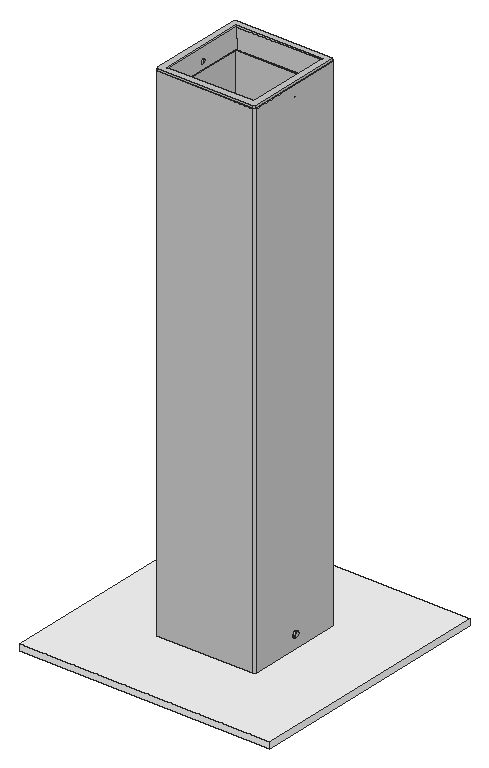
Revit family "BE_84002_de_DE", category Leuchten, Revit 2015
Parameters (values of type "BEGA_84002_Silber")
  Default Elevation = 0 mm
  Umgebungstemperatur = ""
  URL = "http://www.bega.de/produkt/84002"
  Typenkommentare = "© 2017 BEGA. Wir behalten uns das Recht vor, technische Änderungen ohne vorherige Ankündigung vorzunehmen."  # constant formula
  Typenbild = 84002.png
  Sonderanfertigung = no
  Seriennummer [instance] = "Hier können Sie die eindeutige Seriennummer für das Facility Management eintragen."
  Schutzklasse = ""
  Schutzart = ""
  Scheinlast = 0 VA
  Produktdatenblatt = "http://www.bega.de/download/Xrfa/db/84002.db.de.pdf"
  Oberflächentemperatur = ""
  Modell = "84002A"
  Material_18 = BEGA_Gummi_schwarz
  Material_17 = BEGA_Reflektor
  Material_11 = BEGA_Glas_opal
  Material_09 = BEGA_Glas_klar
  Material_06 = BEGA_Oberfläche_Edelstahl_gebürstet
  Material_03 = BEGA_Oberfläche_Weiss_matt
  Material_02 = BEGA_Oberfläche_Silber_matt
  Material_01 [instance] = BEGA_Oberfläche_Grafit_matt
  M_W = no
  M_G = no
  M_A = yes
  Logo = 0
  Leuchtenanzahl = ""
  Lastklassifizierung = Beleuchtung
  Hersteller = "BEGA"  # constant formula
  Halbstreuwinkel = ""
  Gewicht = "5.2 kg"
  Gebrauchslageneinschränkung [instance] = ""
  Erdstück = no
  Energieeffizienzklasse = ""
  ENEC = ""
  Dimmbar [instance] = ""
  CE_Konformität = "ja"
  Bestellnummer_Erdstück = if(Erdstück, "70895", "---")  # "---"
  Bestellnummer = "84002A"
  Beschreibung_Sonderanfertigung = "Hier können Sie Informationen zur Sonderanfertigung eintragen."
  Beschreibung = "Pollerleuchtenrohr"
  Befestigungsbohrung = ""
  Befestigungsabstand = ""
  Ballwurfsicher = ""
  BEGA_Intern_aus = yes
  BEGA_Intern_an = yes
  BEGA_Intern_Konstruktion = yes
  BEGA_Intern = yes
  BEGA_IES = yes
  BEGA_Dummy = no
  Aktualisierung = "2017-01-27T04:13:58"
Types (2, lengths in mm): name | Modell | M_G | M_A | Bestellnummer
  BEGA_84002_Grafit | "84002" | yes | no | "84002"
  BEGA_84002_Silber | "84002A" | no | yes | "84002A"
Reference planes
  plane 1 "Mitte (Vorne/Hinten)": y = 0
  plane 2: z = 0
  plane 3 "Mitte (Links/Rechts)": x = 0
  plane 4 "Links": x = -80
  plane 5 "Rechts": x = 80
  plane 6 "Unten": y = -80
  plane 7 "Oben": y = 80
  plane 8 "Vorne": z = 815.25
  plane 9 "Hinten": z = 0
Forms (mm)
  Extrusion 1, solid, material "BEGA_Platte_Weiss"
    sketch origin (0, -1119.2, 0) x (1, 0, 0) y (0, 1, 0)
      loop
        line (-200, 1319.2) -> (-200, 919.2) -> (200, 919.2) -> (200, 1319.2) -> (-200, 1319.2)
    from 0 to -10
  Extrusion 2, solid, material "BEGA_Dummy_matt", visible <- "BEGA_Dummy"
    sketch origin (80.095, -76.023, 0) x (1, 0, 0) y (0, 1, 0)
      loop
        line (-160.095, 156.023) -> (-160.095, -3.977) -> (-0.095, -3.977) -> (-0.095, 156.023) -> (-160.095, 156.023)
    from 0 to 815.25
Dimensions and locks
  plane 1 "Mitte (Vorne/Hinten)" to Extrusion 1 = 200 mm
  aligned and locked: plane 2 to Extrusion 1
  aligned and locked: level to Extrusion 1
Nested families
  nested 1: "BE_84002_Pollerrohr" at (0, 0, 0), type "BE_84002_Pollerrohr"
Connectors
  electrical at (0, 0, 0), driven by "Lastklassifizierung", driven by "Scheinlast"
    settings: index 1, voltage 0 V, apparent load 0 VA, apparent load phase1 0 VA, apparent load phase2 0 VA, apparent load phase3 0 VA, power factor 1, load classification "Beleuchtung", number of poles 1, system type 31, power factor state 1, is connector primary yes, connector utility no, sub classification motor no, connector description ""
Definition of nested family "BE_84002_Pollerrohr"
  Parameters (values of type "BE_84002_Pollerrohr")
    Default Elevation = 1 mm
    URL = "http://www.bega.de/de/produkt"
    Type Comments = "© 2015 BEGA. Wir behalten uns das Recht vor, technische Änderungen ohne vorherige Ankündigung vorzunehmen. "  # constant formula
    Type Image = (empty or 0)
    Material_18 = none
    Material_17 = none
    Material_15 = none
    Material_11 = none
    Material_09 = none
    Material_06 = none
    Material_03 = none
    Material_02 = none
    Material_01 = none
    M_W = yes
    M_G = yes
    M_A = yes
    Länge_Platte = 200 mm  # constant formula
    Höhe_Platte = -10 mm  # constant formula
    Manufacturer = "BEGA"  # constant formula
    Breite_Platte = 200 mm  # constant formula
  Reference planes
    plane 1 "Mitte (Oben/Unten)": y = 0
    plane 2: z = 0
    plane 3 "Mitte (Links/Rechts)": x = 0
    plane 4: x = -80
    plane 5: x = 80
    plane 6: y = -80
    plane 7: y = 80
    plane 8: z = 815.25
  Forms (mm)
    Extrusion 1, solid, detail levels medium
      sketch origin (0, 0, 0) x (1, 0, 0) y (0, 1, 0)
        loop
          line (-100, 100) -> (-100, -100) -> (100, -100) -> (100, 100) -> (-100, 100)
      from 0 to -10 <- "Höhe_Platte"
    Sweep 2, solid, material <- "Material_01", visible <- "M_G", detail levels medium+fine
      path origin (0, 0, 0) x (1, 0, 0) y (0, 1, 0)
        loop
          line (-80, -80) -> (80, -80) -> (80, 80) -> (-80, 80) -> (-80, -80)
      profile origin (-80, 0, 0) x (-1, 0, 0) y (0, 0, 1)
        loop
          line (0, 2.25) -> (0, 812.25) -> (-2.5, 812.25) -> (-2.5, 2.25) -> (0, 2.25)
    Revolve 3, solid, material <- "Material_01", visible <- "M_G", detail levels medium+fine
      sketch origin (0, 0, 0) x (1, 0, 0) y (0, 0, 1)
        loop
          line (-76, 0) -> (0, 0) -> (0, 5.5) -> (-76, 5.5) -> (-76, 0)
        axis (0, 5.5) -> (0, 0)
      angle from 0 to 360
    Extrusion 4, void
      sketch origin (0, 0, 0) x (1, 0, 0) y (0, 1, 0)
        loop
          arc (37.007, 10.621) -> (32.676, 13.011) -> (30.28, 8.683) r 3.5
          arc (30.28, 8.683) -> (31.501, 0.001) -> (30.281, -8.682) r 31.5
          arc (30.281, -8.682) -> (32.683, -13.012) -> (37.011, -10.606) r 3.5
          arc (37.011, -10.606) -> (38.501, 0.008) -> (37.007, 10.621) r 38.5
        loop
          arc (-7.62, 30.564) -> (-5.071, 34.807) -> (-9.314, 37.357) r 3.5
          arc (-9.314, 37.357) -> (-19.25, 33.342) -> (-27.694, 26.744) r 38.5
          arc (-27.694, 26.744) -> (-27.608, 21.795) -> (-22.659, 21.882) r 3.5
          arc (-22.659, 21.882) -> (-15.75, 27.28) -> (-7.62, 30.564) r 31.5
        loop
          arc (-22.655, -21.885) -> (-27.603, -21.791) -> (-27.698, -26.739) r 3.5
          arc (-27.698, -26.739) -> (-19.247, -33.343) -> (-9.301, -37.359) r 38.5
          arc (-9.301, -37.359) -> (-5.069, -34.801) -> (-7.619, -30.564) r 3.5
          arc (-7.619, -30.564) -> (-15.747, -27.281) -> (-22.655, -21.885) r 31.5
        loop
          arc (-52.386, 15.021) -> (-54.497, 0.004) -> (-52.388, -15.014) r 54.493
          arc (-52.388, -15.014) -> (-46.83, -18.105) -> (-43.744, -12.544) r 4.495
          arc (-43.744, -12.544) -> (-45.507, -0.001) -> (-43.745, 12.543) r 45.516
          arc (-43.745, 12.543) -> (-46.826, 18.102) -> (-52.386, 15.021) r 4.495
        loop
          arc (32.736, 31.613) -> (39.091, 31.504) -> (39.201, 37.859) r 4.495
          arc (39.201, 37.859) -> (27.254, 47.193) -> (13.199, 52.875) r 54.493
          arc (13.199, 52.875) -> (7.738, 49.612) -> (11.01, 44.157) r 4.494
          arc (11.01, 44.157) -> (22.754, 39.411) -> (32.736, 31.613) r 45.516
        loop
          arc (11.011, -44.156) -> (7.737, -49.605) -> (13.186, -52.878) r 4.495
          arc (13.186, -52.878) -> (27.246, -47.198) -> (39.197, -37.863) r 54.493
          arc (39.197, -37.863) -> (39.096, -31.505) -> (32.737, -31.612) r 4.495
          arc (32.737, -31.612) -> (22.755, -39.411) -> (11.011, -44.156) r 45.516
      from 0 to 8.204
    Extrusion 5, solid, material <- "Material_01", visible <- "M_G", detail levels medium+fine
      sketch origin (0, 0, 0) x (1, 0, 0) y (0, 1, 0)
        loop
          line (-77.5, -77.5) -> (77.5, -77.5) -> (77.5, 77.5) -> (-77.5, 77.5) -> (-77.5, -77.5)
        loop
          circle (0, 0) r 76
      from 5.5 to 10
    Extrusion 6, void
      sketch origin (0, 0, 0) x (1, 0, 0) y (0, 1, 0)
        loop
          line (80.489, 80.398) -> (76.42, 80.398) -> (80.489, 76.329) -> (80.489, 80.398)
        loop
          line (-80.489, 80.398) -> (-80.489, 76.329) -> (-76.42, 80.398) -> (-80.489, 80.398)
        loop
          line (80.489, -80.398) -> (80.489, -76.329) -> (76.42, -80.398) -> (80.489, -80.398)
        loop
          line (-80.489, -80.398) -> (-76.42, -80.398) -> (-80.489, -76.329) -> (-80.489, -80.398)
      from 0 to 812.25
    Sweep 7, solid, material <- "Material_01", visible <- "M_G", detail levels medium+fine
      path origin (0, 0, 0) x (1, 0, 0) y (0, 1, 0)
        loop
          line (-80, 80) -> (-80, -80) -> (80, -80) -> (80, 80) -> (-80, 80)
      profile origin (-80, 0, 0) x (1, 0, 0) y (0, 0, 1)
        loop
          line (1, 812.25) -> (2.75, 812.25) -> (2.75, 775.75) -> (6.5, 775.75) -> (12.681, 781.931) -> (11.567, 813.82)
          arc (11.567, 813.82) -> (11.377, 814.605) -> (10.892, 815.25) r 2
          line (10.892, 815.25) -> (1, 815.25) -> (1, 812.25)
    Extrusion 8, void
      sketch origin (0, 0, 0) x (1, 0, 0) y (0, 1, 0)
        loop
          line (-76.464, 79) -> (-79, 79) -> (-79, 76.464) -> (-76.464, 79)
        loop
          line (76.464, 79) -> (79, 76.464) -> (79, 79) -> (76.464, 79)
        loop
          line (-76.464, -79) -> (-79, -76.464) -> (-79, -79) -> (-76.464, -79)
        loop
          line (76.464, -79) -> (79, -79) -> (79, -76.464) -> (76.464, -79)
      from 812.25 to 816.372
    Revolve 9, void
      sketch origin (0, 0, 0) x (1, 0, 0) y (0, 0, 1)
        loop
          line (73.928, 29.5) -> (73.928, 24.25) -> (80.728, 24.25) -> (80.728, 29.5) -> (73.928, 29.5)
        axis (73.928, 24.25) -> (80.728, 24.25)
      angle from 0 to 360
    Revolve 10, solid, material <- "Material_06", detail levels fine
      sketch origin (0, 0, 0) x (1, 0, 0) y (0, 0, 1)
        loop
          line (81.58, 29.25) -> (73.265, 29.25) -> (73.265, 24.25) -> (82.5, 24.25) -> (82.5, 28.33) -> (81.58, 29.25)
        axis (73.265, 24.25) -> (82.5, 24.25)
      angle from 0 to 360
    Revolve 11, void
      sketch origin (0, 0, 0) x (-1, 0, 0) y (0, 0, 1)
        loop
          line (80.356, 796.75) -> (72.98, 796.75) -> (72.98, 794.75) -> (80.356, 794.75) -> (80.356, 796.75)
        axis (72.98, 794.75) -> (80.356, 794.75)
      angle from 0 to 360
    Revolve 12, solid, material <- "Material_02", visible <- "M_A", detail levels medium+fine
      sketch origin (0, 0, 0) x (1, 0, 0) y (0, 0, 1)
        loop
          line (-76, 0) -> (0, 0) -> (0, 5.5) -> (-76, 5.5) -> (-76, 0)
        axis (0, 5.5) -> (0, 0)
      angle from 0 to 360
    Extrusion 13, solid, material <- "Material_02", visible <- "M_A", detail levels medium+fine
      sketch origin (0, 0, 0) x (1, 0, 0) y (0, 1, 0)
        loop
          line (-77.5, -77.5) -> (77.5, -77.5) -> (77.5, 77.5) -> (-77.5, 77.5) -> (-77.5, -77.5)
        loop
          circle (0, 0) r 76
      from 5.5 to 10
    Sweep 14, solid, material <- "Material_02", visible <- "M_A", detail levels medium+fine
      path origin (0, 0, 0) x (1, 0, 0) y (0, 1, 0)
        loop
          line (-80, -80) -> (80, -80) -> (80, 80) -> (-80, 80) -> (-80, -80)
      profile origin (-80, 0, 0) x (-1, 0, 0) y (0, 0, 1)
        loop
          line (0, 2.25) -> (0, 812.25) -> (-2.5, 812.25) -> (-2.5, 2.25) -> (0, 2.25)
    Sweep 15, solid, material <- "Material_02", visible <- "M_A", detail levels medium+fine
      path origin (0, 0, 0) x (1, 0, 0) y (0, 1, 0)
        loop
          line (-80, 80) -> (-80, -80) -> (80, -80) -> (80, 80) -> (-80, 80)
      profile origin (-80, 0, 0) x (1, 0, 0) y (0, 0, 1)
        loop
          line (1, 812.25) -> (2.75, 812.25) -> (2.75, 775.75) -> (6.5, 775.75) -> (12.681, 781.931) -> (11.567, 813.82)
          arc (11.567, 813.82) -> (11.377, 814.605) -> (10.892, 815.25) r 2
          line (10.892, 815.25) -> (1, 815.25) -> (1, 812.25)
    Revolve 16, solid, material <- "Material_06", detail levels fine
      sketch origin (0, 0, 440) x (1, 0, 0) y (0, 0, 1)
        loop
          line (-65.461, 354.75) -> (-67.28, 357.9) -> (-75.75, 357.9) -> (-75.75, 354.75) -> (-65.461, 354.75)
        axis (-75.75, 354.75) -> (-65.461, 354.75)
      angle from 0 to 360
    Revolve 17, void
      sketch origin (0, 0, 0) x (1, 0, 0) y (0, 0, -1)
        loop
          line (80.356, -796.75) -> (80.356, -794.75) -> (72.98, -794.75) -> (72.98, -796.75) -> (80.356, -796.75)
        axis (72.98, -794.75) -> (80.356, -794.75)
      angle from 0 to 360
    Revolve 18, solid, material <- "Material_06", detail levels fine
      sketch origin (0, 0, 440) x (-1, 0, 0) y (0, 0, 1)
        loop
          line (-65.461, 354.75) -> (-67.28, 357.9) -> (-75.75, 357.9) -> (-75.75, 354.75) -> (-65.461, 354.75)
        axis (-75.75, 354.75) -> (-65.461, 354.75)
      angle from 0 to 360
  Cuts and joins
    Extrusion 4 cuts Revolve 3
    joined: Revolve 3, Extrusion 5
    Extrusion 6, Extrusion 8, Revolve 9, Revolve 11, Revolve 17 cuts Sweep 2
    Extrusion 6, Extrusion 8, Revolve 9, Revolve 11, Revolve 17 cuts Sweep 7
    joined: Sweep 2, Sweep 7
    Extrusion 4 cuts Revolve 12
    joined: Revolve 12, Extrusion 13
    Extrusion 6, Revolve 9, Revolve 11, Revolve 17 cuts Sweep 14
    Extrusion 6, Extrusion 8, Revolve 11, Revolve 17 cuts Sweep 15
    joined: Sweep 14, Sweep 15
  Dimensions and locks
    equal spacing: Extrusion 1 sketch curve, plane 3 "Mitte (Links/Rechts)", Extrusion 1 sketch curve
    equal spacing: Extrusion 1 sketch curve, plane 1 "Mitte (Oben/Unten)", Extrusion 1 sketch curve
    "Länge_Platte": Extrusion 1 sketch curve to Extrusion 1 sketch curve
    "Breite_Platte": Extrusion 1 sketch curve to Extrusion 1 sketch curve
    aligned and locked: Extrusion 1 to plane 2
    aligned and locked: level to Extrusion 1
  Automatic sketch dimensions
    Sweep 2 sketch curve to plane 4 = 0 mm
    Sweep 2 sketch curve to plane 5 = 0 mm
    Sweep 2 sketch curve to plane 6 = 0 mm
    plane 7 to Sweep 2 sketch curve = 0 mm
    Sweep 2 sketch curve to profile plane = 0 mm
    Sweep 2 sketch curve to Sweep 2 sketch curve = 2.5 mm
    level to Sweep 2 sketch curve = 2.25 mm
    Sweep 2 sketch curve to Sweep 2 sketch curve = 810 mm
    Revolve 3 sketch curve to level = 0 mm  (x2)
    Revolve 3 sketch curve to plane 3 "Mitte (Links/Rechts)" = 0 mm  (x2)
    plane 4 to Revolve 3 sketch curve = 4 mm
    Revolve 3 sketch curve to Revolve 3 sketch curve = 5.5 mm
    Revolve 3 sketch curve to Revolve 3 sketch curve = 0 mm
    Extrusion 4 sketch curve to plane 1 "Mitte (Oben/Unten)" = 13.782 mm
    plane 4 to Extrusion 4 sketch curve = 31.935 mm
    Extrusion 4 sketch curve to Extrusion 4 sketch curve = 0 mm  (x34)
    Extrusion 4 sketch curve to plane 3 "Mitte (Links/Rechts)" = 25.177 mm
    Extrusion 4 sketch curve to plane 3 "Mitte (Links/Rechts)" = 25.176 mm
    Extrusion 4 sketch curve to plane 3 "Mitte (Links/Rechts)" = 8.467 mm
    Extrusion 4 sketch curve to plane 3 "Mitte (Links/Rechts)" = 8.466 mm
    Extrusion 4 sketch curve to plane 1 "Mitte (Oben/Unten)" = 0 mm  (x3)
    Extrusion 4 sketch curve to plane 3 "Mitte (Links/Rechts)" = 0.004 mm
    Extrusion 4 sketch curve to plane 3 "Mitte (Links/Rechts)" = 0.003 mm  (x2)
    plane 3 "Mitte (Links/Rechts)" to Extrusion 4 sketch curve = 0.001 mm
    plane 3 "Mitte (Links/Rechts)" to Extrusion 4 sketch curve = 0.003 mm
    plane 3 "Mitte (Links/Rechts)" to Extrusion 4 sketch curve = 0.004 mm
    Extrusion 4 sketch curve to Extrusion 4 sketch curve = 0.005 mm
    plane 3 "Mitte (Links/Rechts)" to Extrusion 4 sketch curve = 12.097 mm
    plane 3 "Mitte (Links/Rechts)" to Extrusion 4 sketch curve = 12.098 mm
    Extrusion 4 sketch curve to plane 1 "Mitte (Oben/Unten)" = 9.648 mm
    plane 3 "Mitte (Links/Rechts)" to Extrusion 4 sketch curve = 33.645 mm
    plane 1 "Mitte (Oben/Unten)" to Extrusion 4 sketch curve = 9.647 mm
    Extrusion 4 sketch curve to Extrusion 4 sketch curve = 2.324 mm
    Extrusion 4 sketch curve to Extrusion 4 sketch curve = 2.325 mm
    plane 1 "Mitte (Oben/Unten)" to Extrusion 4 sketch curve = 13.783 mm
    plane 1 "Mitte (Oben/Unten)" to Extrusion 4 sketch curve = 24.313 mm
    Extrusion 4 sketch curve to Extrusion 4 sketch curve = 9.647 mm
    Extrusion 4 sketch curve to Extrusion 4 sketch curve = 25.088 mm  (x2)
    Extrusion 4 sketch curve to Extrusion 4 sketch curve = 14.557 mm  (x2)
    plane 1 "Mitte (Oben/Unten)" to Extrusion 4 sketch curve = 0.007 mm
    plane 1 "Mitte (Oben/Unten)" to Extrusion 4 sketch curve = 0.004 mm
    Extrusion 4 sketch curve to plane 1 "Mitte (Oben/Unten)" = 0.003 mm
    Extrusion 4 sketch curve to Extrusion 4 sketch curve = 0.007 mm
    Extrusion 4 sketch curve to plane 1 "Mitte (Oben/Unten)" = 24.313 mm
    Extrusion 4 sketch curve to Extrusion 4 sketch curve = 9.648 mm
    Extrusion 4 sketch curve to Extrusion 4 sketch curve = 4.32 mm  (x3)
    Extrusion 4 sketch curve to Extrusion 4 sketch curve = 4.323 mm
    Extrusion 4 sketch curve to Extrusion 4 sketch curve = 2.523 mm
    Extrusion 4 sketch curve to Extrusion 4 sketch curve = 2.518 mm  (x2)
    Extrusion 4 sketch curve to Extrusion 4 sketch curve = 2.521 mm
    Extrusion 4 sketch curve to Extrusion 4 sketch curve = 0.847 mm  (x3)
    Extrusion 4 sketch curve to Extrusion 4 sketch curve = 0.835 mm
    Extrusion 4 sketch curve to Extrusion 4 sketch curve = 1.088 mm
    Extrusion 4 sketch curve to Extrusion 4 sketch curve = 1.087 mm  (x2)
    Extrusion 4 sketch curve to Extrusion 4 sketch curve = 1.102 mm
    Extrusion 4 sketch curve to Extrusion 4 sketch curve = 3.364 mm  (x2)
    Extrusion 4 sketch curve to Extrusion 4 sketch curve = 3.233 mm  (x2)
    Extrusion 4 sketch curve to Extrusion 4 sketch curve = 0.001 mm  (x2)
    Extrusion 4 sketch curve to Extrusion 4 sketch curve = 3.362 mm
    Extrusion 4 sketch curve to Extrusion 4 sketch curve = 3.366 mm
    Extrusion 4 sketch curve to Extrusion 4 sketch curve = 3.226 mm
    Extrusion 4 sketch curve to Extrusion 4 sketch curve = 3.232 mm
    Extrusion 4 sketch curve to Extrusion 4 sketch curve = 0.959 mm
    Extrusion 4 sketch curve to Extrusion 4 sketch curve = 1.239 mm
    Extrusion 4 sketch curve to Extrusion 4 sketch curve = 2.428 mm
    Extrusion 4 sketch curve to Extrusion 4 sketch curve = 3.122 mm
    Extrusion 4 sketch curve to Extrusion 4 sketch curve = 2.431 mm
    Extrusion 4 sketch curve to Extrusion 4 sketch curve = 3.123 mm
    Extrusion 5 sketch curve to Extrusion 5 sketch curve = 0 mm  (x2)
    plane 1 "Mitte (Oben/Unten)" to Extrusion 5 sketch curve = 0 mm
    Extrusion 5 sketch curve to plane 3 "Mitte (Links/Rechts)" = 0 mm
    plane 4 to Extrusion 5 sketch curve = 2.5 mm
    plane 5 to Extrusion 5 sketch curve = 2.5 mm
    plane 6 to Extrusion 5 sketch curve = 2.5 mm
    plane 7 to Extrusion 5 sketch curve = 2.5 mm
    plane 4 to Extrusion 5 sketch curve = 4 mm
    Extrusion 6 sketch curve to plane 4 = 0.489 mm  (x2)
    Extrusion 6 sketch curve to plane 7 = 0.398 mm  (x2)
    plane 4 to Extrusion 6 sketch curve = 3.58 mm  (x2)
    Extrusion 6 sketch curve to plane 6 = 0.398 mm  (x2)
    plane 5 to Extrusion 6 sketch curve = 3.58 mm  (x2)
    Extrusion 6 sketch curve to plane 5 = 0.489 mm  (x2)
    plane 6 to Extrusion 6 sketch curve = 3.671 mm  (x2)
    plane 7 to Extrusion 6 sketch curve = 3.671 mm  (x2)
    Sweep 7 sketch curve to plane 4 = 0 mm
    Sweep 7 sketch curve to plane 5 = 0 mm
    Sweep 7 sketch curve to plane 6 = 0 mm
    Sweep 7 sketch curve to plane 7 = 0 mm
    Sweep 7 sketch curve to profile plane = 1 mm
    Sweep 7 sketch curve to Sweep 7 sketch curve = 1.75 mm
    Sweep 7 sketch curve to Sweep 7 sketch curve = 3.75 mm
    Sweep 7 sketch curve to Sweep 7 sketch curve = 6.819 mm
    Sweep 7 sketch curve to Sweep 7 sketch curve = 1.323 mm
    Sweep 7 sketch curve to Sweep 7 sketch curve = 6.181 mm  (x2)
    level to Sweep 7 sketch curve = 775.75 mm
    Sweep 7 sketch curve to Sweep 7 sketch curve = 30.319 mm
    Sweep 7 sketch curve to Sweep 7 sketch curve = 1.5 mm
    Sweep 7 sketch curve to Sweep 7 sketch curve = 3 mm
    Sweep 7 sketch curve to Sweep 7 sketch curve = 0.676 mm
    Sweep 7 sketch curve to Sweep 7 sketch curve = 0 mm  (x2)
    plane 4 to Extrusion 8 sketch curve = 1 mm  (x2)
    plane 6 to Extrusion 8 sketch curve = 1 mm  (x2)
    Extrusion 8 sketch curve to Extrusion 8 sketch curve = 2.536 mm  (x6)
    plane 7 to Extrusion 8 sketch curve = 1 mm  (x2)
    plane 5 to Extrusion 8 sketch curve = 3.536 mm  (x2)
    plane 5 to Extrusion 8 sketch curve = 1 mm  (x2)
    plane 5 to Revolve 9 sketch curve = 6.072 mm
    Revolve 9 sketch curve to plane 5 = 0.728 mm
    level to Revolve 9 sketch curve = 24.25 mm
    Revolve 9 sketch curve to Revolve 9 sketch curve = 5.25 mm
    Revolve 9 sketch curve to Revolve 9 sketch curve = 0 mm  (x3)
    plane 5 to Revolve 10 sketch curve = 6.735 mm
    Revolve 10 sketch curve to plane 5 = 1.58 mm
    Revolve 10 sketch curve to Revolve 10 sketch curve = 0.92 mm
    level to Revolve 10 sketch curve = 24.25 mm
    Revolve 10 sketch curve to Revolve 10 sketch curve = 4.08 mm
    Revolve 10 sketch curve to Revolve 10 sketch curve = 5 mm
    Revolve 10 sketch curve to Revolve 10 sketch curve = 0 mm  (x3)
    plane 4 to Revolve 11 sketch curve = 7.02 mm
    Revolve 11 sketch curve to plane 4 = 0.356 mm
    Revolve 11 sketch curve to Revolve 11 sketch curve = 2 mm
    plane 4 to Revolve 11 sketch curve = 2.919 mm
    Revolve 11 sketch curve to Revolve 11 sketch curve = 0 mm  (x2)
    Revolve 12 sketch curve to level = 0 mm  (x2)
    Revolve 12 sketch curve to plane 3 "Mitte (Links/Rechts)" = 0 mm  (x2)
    plane 4 to Revolve 12 sketch curve = 4 mm
    Revolve 12 sketch curve to Revolve 12 sketch curve = 5.5 mm
    Revolve 12 sketch curve to Revolve 12 sketch curve = 0 mm
    Extrusion 13 sketch curve to Extrusion 13 sketch curve = 0 mm  (x2)
    plane 1 "Mitte (Oben/Unten)" to Extrusion 13 sketch curve = 0 mm
    Extrusion 13 sketch curve to plane 3 "Mitte (Links/Rechts)" = 0 mm
    plane 4 to Extrusion 13 sketch curve = 2.5 mm
    plane 5 to Extrusion 13 sketch curve = 2.5 mm
    plane 6 to Extrusion 13 sketch curve = 2.5 mm
    plane 7 to Extrusion 13 sketch curve = 2.5 mm
    plane 4 to Extrusion 13 sketch curve = 4 mm
    Sweep 14 sketch curve to plane 4 = 0 mm
    Sweep 14 sketch curve to plane 5 = 0 mm
    Sweep 14 sketch curve to plane 6 = 0 mm
    plane 7 to Sweep 14 sketch curve = 0 mm
    Sweep 14 sketch curve to profile plane = 0 mm
    Sweep 14 sketch curve to Sweep 14 sketch curve = 2.5 mm
    level to Sweep 14 sketch curve = 2.25 mm
    Sweep 14 sketch curve to Sweep 14 sketch curve = 810 mm
    Sweep 15 sketch curve to plane 4 = 0 mm
    Sweep 15 sketch curve to plane 5 = 0 mm
    Sweep 15 sketch curve to plane 6 = 0 mm
    Sweep 15 sketch curve to plane 7 = 0 mm
    Sweep 15 sketch curve to profile plane = 1 mm
    Sweep 15 sketch curve to Sweep 15 sketch curve = 1.75 mm
    Sweep 15 sketch curve to Sweep 15 sketch curve = 3.75 mm
    Sweep 15 sketch curve to Sweep 15 sketch curve = 6.819 mm
    Sweep 15 sketch curve to Sweep 15 sketch curve = 1.323 mm
    Sweep 15 sketch curve to Sweep 15 sketch curve = 6.181 mm  (x2)
    level to Sweep 15 sketch curve = 775.75 mm
    Sweep 15 sketch curve to Sweep 15 sketch curve = 30.319 mm
    Sweep 15 sketch curve to Sweep 15 sketch curve = 1.5 mm
    Sweep 15 sketch curve to Sweep 15 sketch curve = 3 mm
    Sweep 15 sketch curve to Sweep 15 sketch curve = 0.676 mm
    Sweep 15 sketch curve to Sweep 15 sketch curve = 0 mm  (x2)
    plane 4 to Revolve 16 sketch curve = 4.25 mm
    Revolve 16 sketch curve to Revolve 16 sketch curve = 8.47 mm
    Revolve 16 sketch curve to Revolve 16 sketch curve = 1.819 mm
    Revolve 16 sketch curve to Revolve 16 sketch curve = 3.15 mm
    Revolve 16 sketch curve to Revolve 16 sketch curve = 0 mm  (x3)
    plane 5 to Revolve 17 sketch curve = 7.02 mm
    Revolve 17 sketch curve to plane 5 = 0.356 mm
    Revolve 17 sketch curve to Revolve 17 sketch curve = 2 mm
    plane 5 to Revolve 17 sketch curve = 2.919 mm
    Revolve 17 sketch curve to Revolve 17 sketch curve = 0 mm  (x2)
    Revolve 18 sketch curve to plane 5 = 4.25 mm
    Revolve 18 sketch curve to Revolve 18 sketch curve = 8.47 mm
    Revolve 18 sketch curve to Revolve 18 sketch curve = 1.819 mm
    Revolve 18 sketch curve to Revolve 18 sketch curve = 3.15 mm
    Revolve 18 sketch curve to Revolve 18 sketch curve = 0 mm  (x3)
    level to Revolve 11 sketch curve = 794.75 mm
    level to Revolve 16 sketch curve = 794.75 mm
    level to Revolve 17 sketch curve = 796.75 mm
    Revolve 18 sketch curve to level = 794.75 mm
